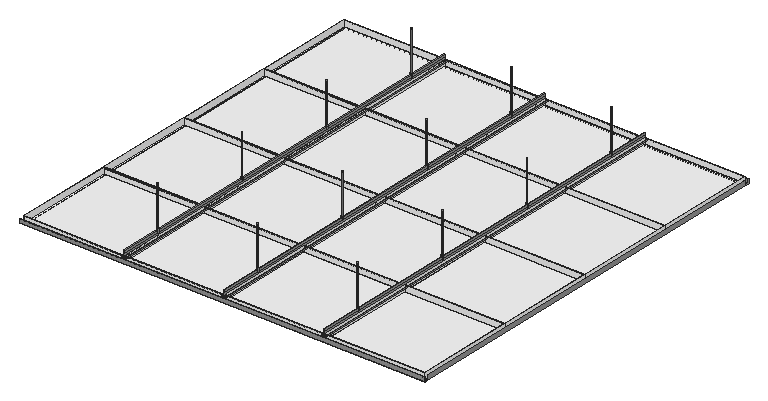
Revit family "FalsoTecho_THU_Bandeja-Murano-600x600", category Modelos genéricos, Revit 2016
Family settings
  Tipo de pieza = Normal
  Puede alojar armadura = No
  Cota de conector redondo = Diámetro de uso
  Se basa en plano de trabajo = Sí
  Siempre vertical = No
  Corte con vacíos al cargar = Sí
  Compartido = Sí
  Punto de cálculo de habitación = No
Parameters (values of type "Acero")
  Tirantes_Separación real [instance] = (Falso techo_Longitud real - (Tirante inicial_Distancia a extremo * 2)) / (Tirantes_Recuento - 1)  # 633.333 mm
  Tirantes_Recuento [instance] = (Falso techo_Longitud real - (Tirante inicial_Distancia a extremo * 2)) / Tirante_Separación aproximada + 2  # 4
  Tirante_Separación aproximada [instance] = 1000 mm  # constant formula
  Tirante_Longitud [instance] = THU_Falso techo_Plenum altura + 12 mm  # 262 mm
  Tirante inicial_Distancia a extremo [instance] = if(Bandejas_Recuento longitudinal < 2, 25 mm, 250 mm)  # 250 mm
  THU_Velo [instance] = no
  THU_Subestructura_Material = "Acero galvanizado"
  THU_Subestructura_Color = THU_Acero galvanizado
  THU_Reacción al fuego = "A2, s1-d0"
  THU_Perfil primario = Perfil_THU_Murano : Perfil Murano
  THU_Falso techo_Área [instance] = ((Perfil secundario_Intereje * Bandejas_Recuento longitudinal) - Bandejas_Separación) * ((Perfil primario_Intereje * Bandejas_Recuento transversal) - Bandejas_Separación)  # 5.76 m²
  THU_Falso techo_Plenum altura [instance] = 250 mm
  THU_Falso techo_Longitud [instance] = 2500 mm
  THU_Falso techo_Anchura [instance] = 2500 mm
  THU_Falso techo_Altura libre [instance] = 2500 mm
  THU_Bandeja_Material = "Acero"
  THU_Bandeja_Color [instance] = THU_Blanco-Mate
  THU_Bandeja = Bandeja_THU_Murano : Acero_600x600
  THU_Acabado [instance] = Acabado_THU_Bandejas : Liso
  Solape_Perfil y tirante = 12 mm  # constant formula
  Página web del producto = "http://thu.es/producto/bandeja-murano/"
  Página web del fabricante = "http://thu.es/"
  Perfiles secundarios_Recuento [instance] = Bandejas_Recuento longitudinal - 1  # 3
  Perfiles primarios_Recuento [instance] = Bandejas_Recuento transversal - 1  # 3
  Perfiles perimetrales_Desfase altura = 1 mm  # constant formula
  Perfil_Altura = 38 mm  # constant formula
  Perfil secundario_Longitud [instance] = Falso techo_Anchura real  # 2400 mm
  Perfil secundario_Intereje = 600 mm  # constant formula
  Perfil primario_Longitud [instance] = Falso techo_Longitud real  # 2400 mm
  Perfil primario_Intereje = 600 mm  # constant formula
  Perfil perimetral_Perfil cornisa [instance] = Perfiles perimetrales_THU : (D)_Perfil cornisa
  Perfil perimetral_L24x24 [instance] = Perfiles perimetrales_THU : (A)_L24x24
  Perfil perimetral_Angular PVC [instance] = Perfiles perimetrales_THU : (F)_Angular PVC
  Perfil perimetral_Anchura [instance] = if(A_L24x24, 24 mm, if(D_Perfil cornisa, 18 mm, if(F_Angular PVC, 28 mm, 24 mm)))  # 24 mm
  Perfil perimetral trans_Longitud [instance] = Perfil secundario_Longitud + (Perfil perimetral_Distancia a bandeja * 2)  # 2424 mm
  Perfil perimetral long_Longitud [instance] = Falso techo_Longitud real - ((Perfil perimetral_Anchura - Perfil perimetral_Distancia a bandeja) * 2)  # 2376 mm
  Perfil perimetral 04 [instance] = yes
  Perfil perimetral 03 [instance] = yes
  Perfil perimetral 02 [instance] = yes
  Perfil perimetral_Distancia a bandeja [instance] = Perfil perimetral_Anchura / 2  # 12 mm
  Perfil perimetral 01 [instance] = yes
  Perfil perimetral [instance] = if(A_L24x24, Perfil perimetral_L24x24, if(D_Perfil cornisa, Perfil perimetral_Perfil cornisa, if(F_Angular PVC, Perfil perimetral_Angular PVC, Perfil perimetral_L24x24)))  # Perfiles perimetrales_THU : (A)_L24x24
  Omniclass = "23-15 19 23 11"
  Número de edición (versión) = 0
  Nombre del objeto = "Bandeja Murano 600x600"
  NBS Reference Description = "Board suspended ceiling system"
  NBS Reference = "20-10-10/110"
  Model = ""
  Marca = "THU"
  Manual de montaje = "http://thu.es/wp-content/uploads/manuals/MM-Techos-Bandejas-Murano.pdf"
  IFC Classification = "IfcCovering (CEILING)"
  Grupo del producto = "Bandejas"
  Ficha técnica = "http://thu.es/wp-content/uploads/datasheets/ft-bandejas-murano-thu.pdf"
  Ficha resumen = "http://thu.es/wp-content/uploads/datasheets/THU_Techos_metalicos_Bandeja_Murano.pdf"
  Fecha de publicación del objeto BIM = ""
  Famila del producto = "Techos metálicos"
  Falso techo_Longitud real [instance] = ((Perfil secundario_Intereje * Bandejas_Recuento longitudinal) - Bandejas_Separación)  # 2400 mm
  Falso techo_Grosor = Bandeja_Descuelgue + Perfil_Altura  # 61.5 mm
  Falso techo_Anchura real [instance] = ((Perfil primario_Intereje * Bandejas_Recuento transversal) - Bandejas_Separación)  # 2400 mm
  Fabricante = "THU Perfil S.L."
  F_Angular PVC [instance] = no
  Default Elevation = 0 mm
  Descripción = "Bandeja THU de ancho 300 mm y de longitud variable según necesidades (longitud máxima de 2,5 metros) y registrable en cualquier punto. El techo Murano se monta con perfileria oculta THU Murano y rematada perimetralmente sobre angulares de 24 mm. El perfil Murano de 28 mm de ancho y 3,70 m de longitud, fabricado con fleje de acero galvanizado, presenta unas pequeñas alas verticales especialmente diseñadas para el correcto alojamiento de las bandejas Murano."
  Declaración de prestaciones = "http://thu.es/wp-content/uploads/declarations/dp_bandejas_murano.pdf"
  D_Perfil cornisa [instance] = no
  Comentarios de tipo = "Bandejas Techo Murano, para ser montadas en interior de edificios con perfilería THU Murano."
  COBie Type Category = "L387 : Suspended ceilings"
  Bandejas_Recuento transversal [instance] = THU_Falso techo_Anchura / Perfil primario_Intereje  # 4
  Bandejas_Recuento longitudinal [instance] = THU_Falso techo_Longitud / Perfil secundario_Intereje  # 4
  Bandejas_Recuento [instance] = Bandejas_Recuento longitudinal * Bandejas_Recuento transversal  # 16
  Bandejas_Separación = 0 mm  # constant formula
  Bandeja_Longitud = Perfil secundario_Intereje - Bandejas_Separación  # 600 mm
  Bandeja_Grosor = 34.5 mm  # constant formula
  Bandeja_Espesor = 1 mm  # constant formula
  Bandeja_Descuelgue = 23.5 mm  # constant formula
  Bandeja_Anchura = Perfil primario_Intereje - Bandejas_Separación  # 600 mm
  Bandeja_Desfase inicial = Bandejas_Separación / 2  # 0 mm
  A_L24x24 [instance] = yes
Reference planes
  plane 1 "Centro (Frontal/Posterior)": y = 0
  plane 2: z = 0
  plane 3 "Centro (Izquierda/Derecha)": x = 0
  plane 4 "Bandejas_Límite inferior": z = 2500
  plane 5 "Perfiles_Límite inferior": z = 2523.5
  plane 6 "Perfiles_Límite superior": z = 2561.5
  plane 7 "Plano de apoyo longitudinal_Separación rastreles": x = 0
  plane 8 "Plano de apoyo transversal_Separación rastreles": y = 0
  plane 9 "Tirantes_Parte superior": z = 2811.5
  plane 10 "Tirantes_Parte inferior": z = 2549.5
  plane 11 "Falso techo_Límite derecho": x = 2500
  plane 12 "Falso techo_Límite superior": y = 2500
  plane 13 "Falso techo_Límite superior real": y = 2400
  plane 14: x = 2400
  plane 15 "Perfiles perimetrales_Límite inferior": z = 2499
Text (mm)
  text "AVISO:  La longitud máxima de la Bandeja Murano no puede exceder de 2.5 m. " at (651.206, 393.559, 0), in view "Nivel de referencia", not visible
Dimensions and locks
  "THU_Falso techo_Altura libre": plane 4 "Bandejas_Límite inferior" to level
  "Bandeja_Descuelgue": plane 5 "Perfiles_Límite inferior" to plane 4 "Bandejas_Límite inferior"
  "Perfil_Altura": plane 6 "Perfiles_Límite superior" to plane 5 "Perfiles_Límite inferior"
  "Bandeja_Desfase inicial": plane 7 "Plano de apoyo longitudinal_Separación rastreles" to plane 3 "Centro (Izquierda/Derecha)"
  "Bandeja_Desfase inicial": plane 1 "Centro (Frontal/Posterior)" to plane 8 "Plano de apoyo transversal_Separación rastreles"
  "THU_Falso techo_Plenum altura": plane 9 "Tirantes_Parte superior" to plane 6 "Perfiles_Límite superior"
  "THU_Falso techo_Anchura": plane 7 "Plano de apoyo longitudinal_Separación rastreles" to plane 11 "Falso techo_Límite derecho"
  "THU_Falso techo_Longitud": plane 12 "Falso techo_Límite superior" to plane 8 "Plano de apoyo transversal_Separación rastreles"
  equal spacing: group 2, group 3, group 4, group 5  (x3)
  "Bandejas_Separación": nested 3 to nested 2
  "Perfil primario_Intereje": plane 7 "Plano de apoyo longitudinal_Separación rastreles" to nested 6
  equal spacing: group 6, group 7, group 8  (x3)
  "Perfil primario_Intereje": nested 6 to nested 7
  "Solape_Perfil y tirante": plane 6 "Perfiles_Límite superior" to plane 10 "Tirantes_Parte inferior"
  "Falso techo_Longitud real": plane 1 "Centro (Frontal/Posterior)" to plane 13 "Falso techo_Límite superior real"
  "Falso techo_Anchura real": plane 3 "Centro (Izquierda/Derecha)" to plane 14
  "Perfiles perimetrales_Desfase altura": plane 4 "Bandejas_Límite inferior" to plane 15 "Perfiles perimetrales_Límite inferior"
  "Perfil perimetral_Distancia a bandeja": nested 9 to plane 3 "Centro (Izquierda/Derecha)"
  "Perfil perimetral_Distancia a bandeja": nested 9 to plane 1 "Centro (Frontal/Posterior)"
  "Perfil perimetral_Distancia a bandeja": nested 11 to plane 3 "Centro (Izquierda/Derecha)"
  "Perfil perimetral_Distancia a bandeja": nested 11 to plane 13 "Falso techo_Límite superior real"
  "Perfil perimetral_Distancia a bandeja": plane 14 to nested 10
  aligned and locked: level to plane 2
  aligned and locked: plane 3 "Centro (Izquierda/Derecha)" to nested 2
  aligned and locked: plane 1 "Centro (Frontal/Posterior)" to nested 2
  aligned and locked: nested 2 to plane 4 "Bandejas_Límite inferior"
  aligned and locked: plane 4 "Bandejas_Límite inferior" to nested 3
  aligned and locked: plane 1 "Centro (Frontal/Posterior)" to nested 6
  aligned and locked: nested 6 to plane 5 "Perfiles_Límite inferior"
  aligned and locked: nested 7 to plane 5 "Perfiles_Límite inferior"
  aligned and locked: nested 9 to nested 12
  aligned and locked: nested 12 to nested 9
  aligned and locked: nested 10 to nested 9
Nested families
  nested 1: "Bandeja_THU_Murano" at (300, 300, 2500), type <- "THU_Bandeja", type "Acero_600x600", not visible
    with Vacio_Desfase vertical 1 mm, Vacio_Desfase horizontal der 599 mm, THU_Recuento (ud) 2, THU_Material "Acero", THU_Color none, Bandejas_Separación 1 mm, Bandejas_Recuento transversal 2, Bandeja_Longitud 599 mm, Bandeja_Grosor 34.5 mm, Bandeja_Anchura 600 mm
  nested 2: "Bandeja_THU_Murano" at (0, 0, 2500), THU_Color <- "THU_Bandeja_Color", THU_Material <- "THU_Bandeja_Material", Bandeja_Anchura <- "Bandeja_Anchura", Bandeja_Longitud <- "Bandeja_Longitud", Bandeja_Grosor <- "Bandeja_Grosor", Bandejas_Separación <- "Bandejas_Separación", Bandejas_Recuento transversal <- "Bandejas_Recuento transversal", Vacio_Desfase vertical <- "Bandeja_Espesor", type <- "THU_Bandeja", type "Acero_600x600"
    with Vacio_Desfase vertical 1 mm, Vacio_Desfase horizontal der 599 mm, THU_Recuento (ud) 4, THU_Material "Acero", THU_Color THU_Blanco-Mate, Bandejas_Separación 0 mm, Bandejas_Recuento transversal 4, Bandeja_Longitud 600 mm, Bandeja_Grosor 34.5 mm, Bandeja_Anchura 600 mm
  nested 3: "Bandeja_THU_Murano" at (0, 600, 2500), THU_Color <- "THU_Bandeja_Color", THU_Material <- "THU_Bandeja_Material", Bandeja_Anchura <- "Bandeja_Anchura", Bandeja_Longitud <- "Bandeja_Longitud", Bandeja_Grosor <- "Bandeja_Grosor", Bandejas_Separación <- "Bandejas_Separación", Bandejas_Recuento transversal <- "Bandejas_Recuento transversal", Vacio_Desfase vertical <- "Bandeja_Espesor", type <- "THU_Bandeja", type "Acero_600x600"
    with Vacio_Desfase vertical 1 mm, Vacio_Desfase horizontal der 599 mm, THU_Recuento (ud) 4, THU_Material "Acero", THU_Color THU_Blanco-Mate, Bandejas_Separación 0 mm, Bandejas_Recuento transversal 4, Bandeja_Longitud 600 mm, Bandeja_Grosor 34.5 mm, Bandeja_Anchura 600 mm
  nested 4: "Bandeja_THU_Murano" at (0, 1200, 2500), THU_Color <- "THU_Bandeja_Color", THU_Material <- "THU_Bandeja_Material", Bandeja_Anchura <- "Bandeja_Anchura", Bandeja_Longitud <- "Bandeja_Longitud", Bandeja_Grosor <- "Bandeja_Grosor", Bandejas_Separación <- "Bandejas_Separación", Bandejas_Recuento transversal <- "Bandejas_Recuento transversal", Vacio_Desfase vertical <- "Bandeja_Espesor", type <- "THU_Bandeja", type "Acero_600x600"
    with Vacio_Desfase vertical 1 mm, Vacio_Desfase horizontal der 599 mm, THU_Recuento (ud) 4, THU_Material "Acero", THU_Color THU_Blanco-Mate, Bandejas_Separación 0 mm, Bandejas_Recuento transversal 4, Bandeja_Longitud 600 mm, Bandeja_Grosor 34.5 mm, Bandeja_Anchura 600 mm
  nested 5: "Bandeja_THU_Murano" at (0, 1800, 2500), THU_Color <- "THU_Bandeja_Color", THU_Material <- "THU_Bandeja_Material", Bandeja_Anchura <- "Bandeja_Anchura", Bandeja_Longitud <- "Bandeja_Longitud", Bandeja_Grosor <- "Bandeja_Grosor", Bandejas_Separación <- "Bandejas_Separación", Bandejas_Recuento transversal <- "Bandejas_Recuento transversal", Vacio_Desfase vertical <- "Bandeja_Espesor", type <- "THU_Bandeja", type "Acero_600x600"
    with Vacio_Desfase vertical 1 mm, Vacio_Desfase horizontal der 599 mm, THU_Recuento (ud) 4, THU_Material "Acero", THU_Color THU_Blanco-Mate, Bandejas_Separación 0 mm, Bandejas_Recuento transversal 4, Bandeja_Longitud 600 mm, Bandeja_Grosor 34.5 mm, Bandeja_Anchura 600 mm
  nested 6: "Perfil_THU_Murano" at (600, 0, 2523.5), Perfil_Longitud <- "Perfil primario_Longitud", Perfil_Altura <- "Perfil_Altura", THU_Material <- "THU_Subestructura_Material", THU_Color <- "THU_Subestructura_Color", Tirantes_Recuento <- "Tirantes_Recuento", Tirante_Longitud <- "Tirante_Longitud", Tirante inicial_Distancia a extremo <- "Tirante inicial_Distancia a extremo", type <- "THU_Perfil primario", type "Perfil Murano"
    with Tirantes_Recuento 4, Tirante_Longitud 262 mm, Tirante inicial_Distancia a extremo 250 mm, THU_Recuento (ml) 2400 mm, THU_Material "Acero galvanizado", THU_Color THU_Acero galvanizado, Perfil_Longitud 2400 mm, Perfil_Grosor superior 10.3 mm, Perfil_Grosor base 1 mm, Perfil_Altura alma 26.7 mm, Perfil_Altura 38 mm
  nested 7: "Perfil_THU_Murano" at (1200, 0, 2523.5), Perfil_Longitud <- "Perfil primario_Longitud", Perfil_Altura <- "Perfil_Altura", THU_Material <- "THU_Subestructura_Material", THU_Color <- "THU_Subestructura_Color", Tirantes_Recuento <- "Tirantes_Recuento", Tirante_Longitud <- "Tirante_Longitud", Tirante inicial_Distancia a extremo <- "Tirante inicial_Distancia a extremo", type <- "THU_Perfil primario", type "Perfil Murano"
    with Tirantes_Recuento 4, Tirante_Longitud 262 mm, Tirante inicial_Distancia a extremo 250 mm, THU_Recuento (ml) 2400 mm, THU_Material "Acero galvanizado", THU_Color THU_Acero galvanizado, Perfil_Longitud 2400 mm, Perfil_Grosor superior 10.3 mm, Perfil_Grosor base 1 mm, Perfil_Altura alma 26.7 mm, Perfil_Altura 38 mm
  nested 8: "Perfil_THU_Murano" at (1800, 0, 2523.5), Perfil_Longitud <- "Perfil primario_Longitud", Perfil_Altura <- "Perfil_Altura", THU_Material <- "THU_Subestructura_Material", THU_Color <- "THU_Subestructura_Color", Tirantes_Recuento <- "Tirantes_Recuento", Tirante_Longitud <- "Tirante_Longitud", Tirante inicial_Distancia a extremo <- "Tirante inicial_Distancia a extremo", type <- "THU_Perfil primario", type "Perfil Murano"
    with Tirantes_Recuento 4, Tirante_Longitud 262 mm, Tirante inicial_Distancia a extremo 250 mm, THU_Recuento (ml) 2400 mm, THU_Material "Acero galvanizado", THU_Color THU_Acero galvanizado, Perfil_Longitud 2400 mm, Perfil_Grosor superior 10.3 mm, Perfil_Grosor base 1 mm, Perfil_Altura alma 26.7 mm, Perfil_Altura 38 mm
  nested 9: "Perfiles perimetrales_THU" at (-12, -12, 2499) x (0, 1, 0) z (0, 0, 1), THU_Color <- "THU_Subestructura_Color", THU_Material <- "THU_Subestructura_Material", Perfil_Anchura <- "Perfil perimetral_Anchura", Perfil_Longitud <- "Perfil perimetral trans_Longitud", visible <- "Perfil perimetral 01", type <- "Perfil perimetral", type "(A)_L24x24"
    with THU_Recuento (ml) 2424 mm, THU_Material "Acero galvanizado", THU_Color THU_Acero galvanizado, Perfil_Longitud 2424 mm, Perfil_Anchura 24 mm
  nested 10: "Perfiles perimetrales_THU" at (2412, 12, 2499) x (-1, 0, 0) z (0, 0, 1), THU_Color <- "THU_Subestructura_Color", THU_Material <- "THU_Subestructura_Material", Perfil_Anchura <- "Perfil perimetral_Anchura", Perfil_Longitud <- "Perfil perimetral long_Longitud", visible <- "Perfil perimetral 02", type <- "Perfil perimetral", type "(A)_L24x24"
    with THU_Recuento (ml) 2376 mm, THU_Material "Acero galvanizado", THU_Color THU_Acero galvanizado, Perfil_Longitud 2376 mm, Perfil_Anchura 24 mm
  nested 11: "Perfiles perimetrales_THU" at (-12, 2412, 2499) x (0, -1, 0) z (0, 0, 1), THU_Color <- "THU_Subestructura_Color", THU_Material <- "THU_Subestructura_Material", Perfil_Anchura <- "Perfil perimetral_Anchura", Perfil_Longitud <- "Perfil perimetral trans_Longitud", visible <- "Perfil perimetral 03", type <- "Perfil perimetral", type "(A)_L24x24"
    with THU_Recuento (ml) 2424 mm, THU_Material "Acero galvanizado", THU_Color THU_Acero galvanizado, Perfil_Longitud 2424 mm, Perfil_Anchura 24 mm
  nested 12: "Perfiles perimetrales_THU" at (-12, 12, 2499), THU_Color <- "THU_Subestructura_Color", THU_Material <- "THU_Subestructura_Material", Perfil_Anchura <- "Perfil perimetral_Anchura", Perfil_Longitud <- "Perfil perimetral long_Longitud", visible <- "Perfil perimetral 04", type <- "Perfil perimetral", type "(A)_L24x24"
    with THU_Recuento (ml) 2376 mm, THU_Material "Acero galvanizado", THU_Color THU_Acero galvanizado, Perfil_Longitud 2376 mm, Perfil_Anchura 24 mm
Definition of nested family "Bandeja_THU_Murano"
  Parameters (values of type "Acero_300xLV")
    THU_Recuento (ud) [instance] = Bandejas_Recuento transversal  # 2
    THU_Mediciones = 1 < 2  # yes
    THU_Material [instance] = "Acero"
    THU_Color [instance] = none
    Vacio_Desfase horizontal der [instance] = Bandeja_Anchura - (Vacio_Desfase horizontal)  # 598 mm
    Nombre del objeto = "Murano 300 x Longitud variable"
    Default Elevation = 0 mm
    Vacio_Desfase vertical [instance] = 1 mm
    Bandeja_Inicio extrusión = 0 mm  # constant formula
    Vacio_Desfase horizontal = 1 mm
    Bandejas_Recuento transversal [instance] = 2
    Bandejas_Separación [instance] = 1 mm
    Bandeja_Longitud [instance] = 599 mm
    Bandeja_Grosor [instance] = 34.5 mm
    Bandeja_Anchura [instance] = 599 mm
  Types (2, lengths in mm): name | Nombre del objeto
    Acero_600x600 | "Murano 600x600"
    Acero_300xLV | "Murano 300 x Longitud variable"
  Reference planes
    plane 1 "Centro (Frontal/Posterior)": y = 0
    plane 2: z = 0
    plane 3 "Centro (Izquierda/Derecha)": x = 0
  Forms (mm)
    Extrusion 1, solid, material <- "THU_Color"
      sketch origin (0, 0, 0) x (1, 0, 0) y (0, 1, 0)
        loop
          line (0, 0) -> (599, 0) -> (599, 599) -> (0, 599) -> (0, 0)
      from 0 <- "Bandeja_Inicio extrusión" to 34.5 <- "Bandeja_Grosor"
    Extrusion 2, void
      sketch origin (0, 0, 0) x (1, 0, 0) y (0, 1, 0)
        loop
          line (1, 598) -> (1, 1) -> (598, 1) -> (598, 598) -> (1, 598)
      from 1 <- "Vacio_Desfase vertical" to 34.5 <- "Bandeja_Grosor"
    Extrusion 3, solid, material <- "THU_Color"
      sketch origin (600, 0, 0) x (1, 0, 0) y (0, 1, 0)
        loop
          line (0, 0) -> (599, 0) -> (599, 599) -> (0, 599) -> (0, 0)
      from 0 <- "Bandeja_Inicio extrusión" to 34.5 <- "Bandeja_Grosor"
    Extrusion 4, void
      sketch origin (600, 0, 0) x (1, 0, 0) y (0, 1, 0)
        loop
          line (1, 598) -> (1, 1) -> (598, 1) -> (598, 598) -> (1, 598)
      from 1 <- "Vacio_Desfase vertical" to 34.5 <- "Bandeja_Grosor"
  Cuts and joins
    Extrusion 2, Extrusion 4 cuts Extrusion 1
    Extrusion 4 cuts Extrusion 3
  Lines and regions (mm)
    reference lines
      curve 1: line (0, 0, 0) -> (0, 600, 0)
      curve 2: line (0, 0, 0) -> (600, 0, 0)
      curve 3: line (600, 0, 0) -> (1200, 0, 0)
      curve 4: line (600, 0, 0) -> (600, 600, 0)
      curve 5: line (600, 0, 0) -> (1200, 0, 0)
  Dimensions and locks
    "Bandeja_Anchura": curve 1 to Extrusion 1 sketch curve
    "Bandeja_Longitud": Extrusion 1 sketch curve to curve 2
    "Vacio_Desfase horizontal": curve 1 to Extrusion 2 sketch curve
    "Vacio_Desfase horizontal": Extrusion 2 sketch curve to curve 2
    "Vacio_Desfase horizontal der": curve 1 to Extrusion 2 sketch curve
    "Vacio_Desfase horizontal": Extrusion 2 sketch curve to Extrusion 1
    "Bandeja_Anchura": curve 4 to Extrusion 3 sketch curve
    "Bandeja_Longitud": Extrusion 3 sketch curve to curve 5
    "Vacio_Desfase horizontal": curve 4 to Extrusion 4 sketch curve
    "Vacio_Desfase horizontal": Extrusion 4 sketch curve to curve 5
    "Vacio_Desfase horizontal der": curve 4 to Extrusion 4 sketch curve
    "Vacio_Desfase horizontal": Extrusion 4 sketch curve to Extrusion 3
    group 1 to group 2 = 600 mm
    group 1 to group 2 = 0 mm  (x2)
    "Bandejas_Separación": cut or joined group of Extrusion 1, Extrusion 2, Extrusion 4 to curve 4
    aligned and locked: level to plane 2
    aligned and locked: Extrusion 1 sketch curve to curve 1
    aligned and locked: Extrusion 1 sketch curve to curve 2
    aligned and locked: Extrusion 3 sketch curve to curve 4
    aligned and locked: Extrusion 3 sketch curve to curve 5
  Automatic sketch dimensions
    curve 3 to curve 3 = 600 mm
    plane 3 "Centro (Izquierda/Derecha)" to curve 3 = 600 mm
    plane 1 "Centro (Frontal/Posterior)" to curve 3 = 0 mm
Definition of nested family "Perfil_THU_Murano"
  Parameters (values of type "Perfil Murano")
    Tirantes_Recuento [instance] = 2
    Tirantes = yes
    Tirante_Longitud [instance] = 250 mm
    Tirante inicial_Distancia a extremo [instance] = 250 mm
    THU_Recuento (ml) [instance] = Perfil_Longitud  # 1000 mm
    THU_Mediciones = 1 < 2  # yes
    THU_Material [instance] = "Acero galvanizado"
    THU_Color [instance] = none
    Perfil_Longitud [instance] = 1000 mm
    Perfil_Anchura base = 28 mm  # constant formula
    Perfil_Grosor base [instance] = 1 mm  # constant formula
    Perfil_Anchura superior = 6.8 mm  # constant formula
    Perfil_Altura [instance] = 38 mm
    Nombre del objeto = "Perfil Murano"
    Default Elevation = 0 mm
    Perfil_Grosor alma = 1 mm  # constant formula
    Perfil_Grosor superior [instance] = 10.3 mm  # constant formula
    Perfil_Altura alma [instance] = Perfil_Altura - (Perfil_Grosor base + Perfil_Grosor superior)  # 26.7 mm
  Reference planes
    plane 1 "Centro (Frontal/Posterior)": y = 0
    plane 2: z = 0
    plane 3 "Centro (Izquierda/Derecha)": x = 0
    plane 4 "Perfil_Cara superior": z = 38
    plane 5 "Tirante_Cara inferior": z = 26
  Forms (mm)
    Extrusion 1, solid, material <- "THU_Color", detail levels medium+fine
      sketch origin (0, 0, 47.063) x (1, 0, 0) y (0, 0, -1)
        loop
          line (3.4, 9.063) -> (3.4, 19.363) -> (0.5, 19.363) -> (0.5, 46.063) -> (13, 46.063) -> (13, 42.063) -> (14, 42.063) -> (14, 47.063) -> (-14, 47.063) -> (-14, 42.063) -> (-13, 42.063) -> (-13, 46.063) -> (-0.5, 46.063) -> (-0.5, 19.363) -> (-3.4, 19.363) -> (-3.4, 9.063) -> (3.4, 9.063)
      from 0 to 1000
  Dimensions and locks
    "Perfil_Anchura superior": Extrusion 1 sketch curve to Extrusion 1 sketch curve
    equal spacing: Extrusion 1 sketch curve, plane 3 "Centro (Izquierda/Derecha)", Extrusion 1 sketch curve  (x2)
    "Perfil_Grosor alma": Extrusion 1 sketch curve to Extrusion 1 sketch curve
    "Perfil_Grosor superior": Extrusion 1 sketch curve to Extrusion 1 sketch curve
    "Perfil_Altura alma": Extrusion 1 sketch curve to Extrusion 1 sketch curve
    "Perfil_Grosor base": Extrusion 1 sketch curve to Extrusion 1 sketch curve
    "Perfil_Longitud": Extrusion 1 to Extrusion 1
    "Perfil_Altura": plane 4 "Perfil_Cara superior" to level
    "Tirante inicial_Distancia a extremo": plane 1 "Centro (Frontal/Posterior)" to nested 1
    locked: plane 4 "Perfil_Cara superior" to plane 5 "Tirante_Cara inferior" at 12
    group 1 to group 2 = 0 mm  (x2)
    group 1 to group 2 = 500 mm
    "Tirante inicial_Distancia a extremo": Extrusion 1 to nested 2
    aligned and locked: level to plane 2
    aligned and locked: Extrusion 1 sketch curve to Extrusion 1 sketch curve
    aligned and locked: Extrusion 1 to level
    aligned and locked: plane 4 "Perfil_Cara superior" to Extrusion 1  (x2)
    aligned and locked: plane 3 "Centro (Izquierda/Derecha)" to nested 1
    aligned and locked: nested 2 to plane 5 "Tirante_Cara inferior"
    aligned and locked: plane 5 "Tirante_Cara inferior" to nested 1
  Automatic sketch dimensions
    Extrusion 1 sketch curve to level = 0 mm
    level to Extrusion 1 sketch curve = 5 mm
    Extrusion 1 sketch curve to plane 3 "Centro (Izquierda/Derecha)" = 13 mm
    Extrusion 1 sketch curve to Extrusion 1 sketch curve = 1 mm  (x2)
    Extrusion 1 sketch curve to Extrusion 1 sketch curve = 12.5 mm
    Extrusion 1 sketch curve to Extrusion 1 sketch curve = 0 mm
    Extrusion 1 sketch curve to Extrusion 1 sketch curve = 4 mm
  Nested families
    nested 1: "Tirantes_THU" at (0, 250, 26), Tirante_Longitud <- "Tirante_Longitud", visible <- "Tirantes", Tirante_Material <- "THU_Color", type "Tirante - Perfiles", detail levels fine
      with Tirante_Longitud 250 mm
    nested 2: "Tirantes_THU" at (0, 750, 26), Tirante_Longitud <- "Tirante_Longitud", visible <- "Tirantes", Tirante_Material <- "THU_Color", type "Tirante - Perfiles", detail levels fine
      with Tirante_Material none, Tirante_Longitud 250 mm
  Definition of nested family "Tirantes_THU"
    Parameters (values of type "Tirante - Perfil triangular")
      Tirante_Material [instance] = none
      Tirante_Longitud [instance] = 250 mm
      Pieza de cuelgue_Altura = 20 mm
      Pieza de cualgue_Anchura = 26 mm
      Perfiles = no
      Perfil triangular = yes
      Rastreles = no
      Default Elevation = 0 mm
    Types (3, lengths in mm): name | Pieza de cuelgue_Altura | Pieza de cualgue_Anchura | Perfiles | Perfil triangular | Rastreles
      Tirante - Rastreles | 40 | 10 | no | no | yes
      Tirante - Perfil triangular | 20 | 26 | no | yes | no
      Tirante - Perfiles | 20 | 10.5 | yes | no | no
    Reference planes
      plane 1 "Centro (Frontal/Posterior)": y = 0
      plane 2: z = 0
      plane 3 "Centro (Izquierda/Derecha)": x = 0
      plane 4 "Perfil_Cara superior": z = 20
      plane 5 "Tirantes_Límite superior": z = 250
      plane 6 "Pieza de cuelgue_Lateral izquierdo": x = -13
      plane 7 "Pieza de cuelgue_Lateral derecho": x = 13
    Forms (mm)
      Extrusion 1, solid, material <- "Tirante_Material"
        sketch origin (0, 0, 0) x (1, 0, 0) y (0, 1, 0)
          loop
            circle (0, 0) r 1.5
        from 20 to 250
      Extrusion 2, solid, material <- "Tirante_Material", visible <- "Perfiles"
        sketch origin (0, 0, 0) x (1, 0, 0) y (0, 0, 1)
          loop
            line (-13, 20) -> (-13, 0) -> (-8.759, 0) -> (-8.759, 2) -> (-10.518, 2) -> (-10.518, 11) -> (10.518, 11) -> (10.518, 2) -> (8.759, 2) -> (8.759, 0) -> (13, 0) -> (13, 20) -> (-13, 20)
        from -1 to 1
      Extrusion 3, solid, material <- "Tirante_Material", visible <- "Perfil triangular"
        sketch origin (0, 0, 0) x (1, 0, 0) y (0, 0, 1)
          loop
            line (0, 20) -> (-13, 20) -> (-13, 18) -> (-1, 18) -> (-1, 2.022) -> (-13, 2.022) -> (-13, 0) -> (0, 0) -> (13, 0) -> (13, 2.022) -> (1, 2.022) -> (1, 18) -> (13, 18) -> (13, 20) -> (0, 20)
        from -7.5 to 7.5
      Extrusion 4, solid, material <- "Tirante_Material", visible <- "Rastreles"
        sketch origin (0, 0, 0) x (1, 0, 0) y (0, 0, 1)
          loop
            line (-13, 0) -> (13, 0) -> (13, 20) -> (-13, 20) -> (-13, 0)
        from -1 to 1
    Dimensions and locks
      equal spacing: Extrusion 2, plane 1 "Centro (Frontal/Posterior)", Extrusion 2
      "Tirante_Longitud": plane 5 "Tirantes_Límite superior" to level
      "Pieza de cuelgue_Altura": plane 4 "Perfil_Cara superior" to level
      "Pieza de cualgue_Anchura": plane 7 "Pieza de cuelgue_Lateral derecho" to plane 6 "Pieza de cuelgue_Lateral izquierdo"
      equal spacing: plane 7 "Pieza de cuelgue_Lateral derecho", plane 3 "Centro (Izquierda/Derecha)", plane 6 "Pieza de cuelgue_Lateral izquierdo"
      locked: Extrusion 2 sketch curve to Extrusion 2 sketch curve at 2.482  (x2)
      locked: Extrusion 2 sketch curve to Extrusion 2 sketch curve at 9
      locked: Extrusion 2 sketch curve to Extrusion 2 sketch curve at 4.241  (x2)
      locked: Extrusion 3 sketch curve to Extrusion 3 sketch curve at 2  (x2)
      locked: Extrusion 3 sketch curve to Extrusion 3 sketch curve at 2.022
      aligned and locked: level to plane 2
      aligned and locked: plane 5 "Tirantes_Límite superior" to Extrusion 1
      aligned and locked: Extrusion 1 to plane 4 "Perfil_Cara superior"
      aligned and locked: Extrusion 1 to Extrusion 2
      aligned and locked: Extrusion 2 to level
      aligned and locked: Extrusion 3 sketch curve to Extrusion 3 sketch curve  (x4)
      aligned and locked: plane 4 "Perfil_Cara superior" to Extrusion 4 sketch curve
      aligned and locked: plane 7 "Pieza de cuelgue_Lateral derecho" to Extrusion 4 sketch curve
      aligned and locked: Extrusion 4 sketch curve to plane 6 "Pieza de cuelgue_Lateral izquierdo"
      aligned and locked: plane 6 "Pieza de cuelgue_Lateral izquierdo" to Extrusion 2 sketch curve
      aligned and locked: Extrusion 3 sketch curve to plane 7 "Pieza de cuelgue_Lateral derecho"
      aligned and locked: Extrusion 3 sketch curve to plane 6 "Pieza de cuelgue_Lateral izquierdo"
      aligned and locked: Extrusion 2 sketch curve to Extrusion 2 sketch curve
    Automatic sketch dimensions
      plane 1 "Centro (Frontal/Posterior)" to Extrusion 1 sketch curve = 0 mm
      Extrusion 1 sketch curve to plane 3 "Centro (Izquierda/Derecha)" = 0 mm
      Extrusion 2 sketch curve to level = 0 mm  (x2)
      Extrusion 2 sketch curve to plane 4 "Perfil_Cara superior" = 0 mm
      level to Extrusion 2 sketch curve = 2 mm
      Extrusion 3 sketch curve to plane 4 "Perfil_Cara superior" = 0 mm
      Extrusion 3 sketch curve to level = 0 mm
      Extrusion 3 sketch curve to plane 3 "Centro (Izquierda/Derecha)" = 0 mm  (x2)
      plane 3 "Centro (Izquierda/Derecha)" to Extrusion 3 sketch curve = 1 mm
      Extrusion 2 sketch curve to plane 7 "Pieza de cuelgue_Lateral derecho" = 0 mm
      Extrusion 4 sketch curve to level = 0 mm
      radius of Extrusion 1 sketch curve = 1.5 mm
Definition of nested family "Perfiles perimetrales_THU"
  Parameters (values of type "U20")
    U = yes
    THU_Recuento (ml) [instance] = Perfil_Longitud  # 1000 mm
    THU_Mediciones = 1 < 2  # yes
    THU_Material [instance] = "Acero galvanizado"
    THU_Color [instance] = none
    RC = no
    Perfil_Longitud [instance] = 1000 mm
    Perfil_Grosor = 1 mm
    Perfil_Anchura [instance] = 15 mm
    Perfil_Altura = 20 mm
    Nombre del objeto = "Perfil U20"
    (A)_(F) = no
    Default Elevation = 0 mm
    (D)_Perfil cornisa = no
  Types (7, lengths in mm): name | U | THU_Material | RC | Perfil_Anchura | Perfil_Altura | Nombre del objeto | (A)_(F) | (D)_Perfil cornisa
    (A)_L24x24 | no | "Acero galvanizado" | no | 24 | 24 | "(A)_L24x24" | yes | no
    (D)_Perfil cornisa | no | "Acero galvanizado" | no | 18 | 37 | "(D)_Perfil cornisa" | no | yes
    (F)_Angular PVC | no | "PVC" | no | 28 | 22 | "(F)_Angular PVC" | yes | no
    (A)_L15x33 | no | "Acero galvanizado" | no | 15 | 33 | "(A)_L24x24" | yes | no
    U40 | yes | "Acero galvanizado" | no | 15 | 42 | "Perfil U40" | no | no
    RC | no | "Acero galvanizado" | yes | 28 | 20 | "Perfil RC" | no | no
    U20 | yes | "Acero galvanizado" | no | 15 | 20 | "Perfil U20" | no | no
  Reference planes
    plane 1 "Centro (Frontal/Posterior)": y = 0
    plane 2: z = 0
    plane 3 "Centro (Izquierda/Derecha)": x = 0
    plane 4 "Perfil_Cara superior": z = 20
    plane 5: x = 15
    plane 6: y = -1000
  Forms (mm)
    Extrusion 1, solid, material <- "THU_Color", visible <- "(A)_(F)", detail levels medium+fine
      sketch origin (0, 0, 0) x (1, 0, 0) y (0, 0, 1)
        loop
          line (0, 20) -> (0, 0) -> (15, 0) -> (15, 1) -> (1, 1) -> (1, 20) -> (0, 20)
      from 0 to 1000
    Extrusion 2, solid, material <- "THU_Color", visible <- "(D)_Perfil cornisa", detail levels medium+fine
      sketch origin (0, 0, 0) x (1, 0, 0) y (0, 0, 1)
        loop
          line (1, 20) -> (0, 20) -> (0, 1) -> (-13, 1) -> (-13, 22) -> (-14, 22) -> (-14, 0) -> (15, 0) -> (15, 1) -> (1, 1) -> (1, 20)
      from 0 to 1000
    Extrusion 3, solid, material <- "THU_Color", visible <- "U", detail levels medium+fine
      sketch origin (0, 0, 0) x (1, 0, 0) y (0, 0, 1)
        loop
          line (0, 0) -> (15, 0) -> (15, 1) -> (1, 1) -> (1, 19) -> (15, 19) -> (15, 20) -> (0, 20) -> (0, 0)
      from 0 to 1000
    Extrusion 4, solid, material <- "THU_Color", visible <- "RC"
      sketch origin (0, 0, 0) x (1, 0, 0) y (0, 0, 1)
        loop
          line (15, 0) -> (15, 1) -> (1.398, 1) -> (1.398, 1.948) -> (7.436, 4.764)
          arc (7.436, 4.764) -> (8.592, 7.941) -> (5.415, 9.097) r 2.391
          line (5.415, 9.097) -> (1, 7.038) -> (1, 19) -> (6.5, 19) -> (6.5, 17.2) -> (7.5, 17.2) -> (7.5, 20) -> (0, 20) -> (0, 5.469) -> (5.838, 8.191)
          arc (5.838, 8.191) -> (7.686, 7.518) -> (7.013, 5.67) r 1.391
          line (7.013, 5.67) -> (0, 2.4) -> (0, 0) -> (15, 0)
      from 0 to 1000
  Dimensions and locks
    "Perfil_Altura": plane 4 "Perfil_Cara superior" to level
    "Perfil_Anchura": plane 5 to plane 3 "Centro (Izquierda/Derecha)"
    locked: Extrusion 2 sketch curve to Extrusion 2 sketch curve at 1  (x3)
    locked: Extrusion 2 sketch curve to Extrusion 1 at 13
    locked: Extrusion 2 sketch curve to level at 22
    "Perfil_Longitud": plane 6 to plane 1 "Centro (Frontal/Posterior)"
    locked: Extrusion 3 sketch curve to Extrusion 3 sketch curve at 1  (x3)
    locked: Extrusion 4 sketch curve to Extrusion 4 sketch curve at 1  (x6)
    locked: Extrusion 4 sketch curve to Extrusion 4 sketch curve at 1.398
    aligned and locked: level to plane 2
    aligned and locked: plane 5 to Extrusion 1 sketch curve
    aligned and locked: Extrusion 1 sketch curve to plane 4 "Perfil_Cara superior"
    aligned and locked: plane 4 "Perfil_Cara superior" to Extrusion 2 sketch curve
    aligned and locked: plane 5 to Extrusion 2 sketch curve
    aligned and locked: plane 3 "Centro (Izquierda/Derecha)" to Extrusion 2 sketch curve
    aligned and locked: Extrusion 1 sketch curve to plane 3 "Centro (Izquierda/Derecha)"
    aligned and locked: plane 6 to Extrusion 2
    aligned and locked: plane 6 to Extrusion 1
    aligned and locked: Extrusion 3 sketch curve to plane 5
    aligned and locked: plane 5 to Extrusion 3 sketch curve
    aligned and locked: Extrusion 3 sketch curve to plane 4 "Perfil_Cara superior"
    aligned and locked: Extrusion 3 sketch curve to plane 2
    aligned and locked: plane 3 "Centro (Izquierda/Derecha)" to Extrusion 3 sketch curve
    aligned and locked: Extrusion 3 to plane 1 "Centro (Frontal/Posterior)"
    aligned and locked: Extrusion 3 to plane 6
    aligned and locked: Extrusion 4 sketch curve to plane 4 "Perfil_Cara superior"
    aligned and locked: plane 3 "Centro (Izquierda/Derecha)" to Extrusion 4 sketch curve  (x2)
    aligned and locked: level to Extrusion 4 sketch curve
    aligned and locked: plane 5 to Extrusion 4 sketch curve
    aligned and locked: Extrusion 4 to plane 6
  Automatic sketch dimensions
    Extrusion 1 sketch curve to level = 0 mm
    plane 3 "Centro (Izquierda/Derecha)" to Extrusion 1 sketch curve = 1 mm
    level to Extrusion 1 sketch curve = 1 mm
    Extrusion 2 sketch curve to level = 0 mm
    Extrusion 2 sketch curve to Extrusion 2 sketch curve = 0 mm
    Extrusion 4 sketch curve to Extrusion 4 sketch curve = 0 mm
    Extrusion 4 sketch curve to Extrusion 4 sketch curve = 4.415 mm
    Extrusion 4 sketch curve to Extrusion 4 sketch curve = 0.423 mm  (x2)
    Extrusion 4 sketch curve to Extrusion 4 sketch curve = 0.588 mm  (x2)
    Extrusion 4 sketch curve to Extrusion 4 sketch curve = 5.5 mm
    Extrusion 4 sketch curve to Extrusion 4 sketch curve = 0.948 mm
    Extrusion 4 sketch curve to Extrusion 4 sketch curve = 0.452 mm
    Extrusion 4 sketch curve to Extrusion 4 sketch curve = 3.069 mm
    Extrusion 4 sketch curve to Extrusion 4 sketch curve = 1.26 mm
    Extrusion 4 sketch curve to Extrusion 4 sketch curve = 1.8 mm
